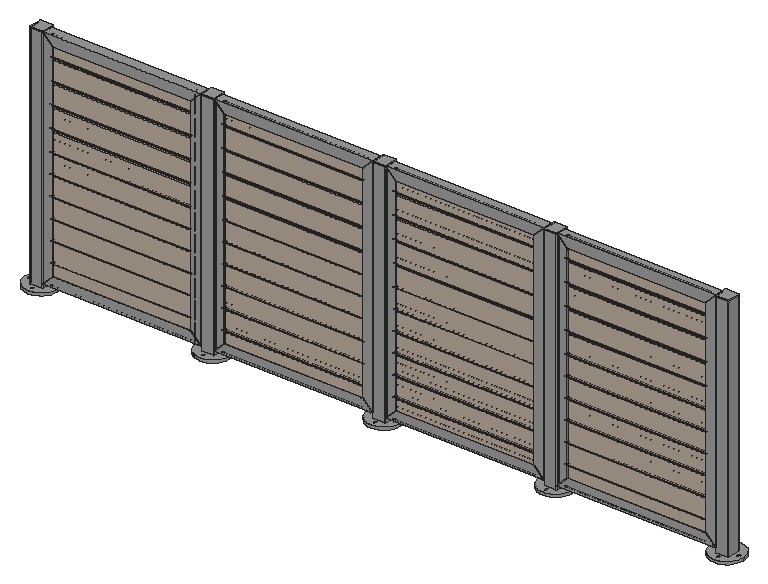
Revit family "PLAYSAFE_VINYL_PLANK_SEMI-PRIVATE_PANEL_ARRAY", category Specialty Equipment, Revit 2026
Family settings
  Round Connector Dimension = Use Diameter
  Part Type = Normal
  Classification Number = 23.55.00.00
  Enable Cutting in Views = No
  Cut with Voids When Loaded = No
  Maintain Annotation Orientation = No
  Shared = No
  Room Calculation Point = No
Parameters (values of type "Assembly")
  Warranty URL = "https://palmshieldlouvers.com/wp-content/uploads/2020/01/PalmSHIELD-Warranty-NO-SIGN-LINE.pdf"
  Version = "2020 - v1.0a"  # constant formula
  URL = "https://palmshieldlouvers.com/"
  Type Comments = ""
  Start Post [instance] = yes
  Product Page URL = "https://palmshieldlouvers.com/products/playsafe-semi-private/"
  Product Documentation Link = "https://palmshieldlouvers.com/wp-content/uploads/2022/05/PalmSHIELD-PlaySAFE-Semi-Private-Aluminum-Architectural-Screening-Specifications.doc"
  Post Finish = Metal - PalmSHIELD - Dusty Grey
  Panel Width [instance] = if(Desired Panel Width > C Max Panel Width, C Max Panel Width, if(Desired Panel Width < C Min Panel Width, C Min Panel Width, Desired Panel Width))  # 4' - 0"
  Panel Height [instance] = if(C Prelim Height < C Min Panel Height, C Min Panel Height, if(C Prelim Height < C Min Height Calculated, C Min Height Calculated, if(C Prelim Height > C Max Height Calculated, C Max Height Calculated, if(C Prelim Height > 12' 0", 12' 0", C Prelim Height))))  # 5' - 10 1/2"
  Offset From Surface [instance] = 0' - 2"  # constant formula
  Model = "Playsafe Semi Private - Vinyl"  # constant formula
  Manufacturer Phone Number = "531-329-4406 "  # constant formula
  Manufacturer Email = "mailto: info@palmshieldlouvers.com"
  Manufacturer Address = "12330 Cary Circle, La Vista, NE 68128"  # constant formula
  Manufacturer = "PalmSHIELD"  # constant formula
  Louver Finsh = Metal - PalmSHIELD - Grey Beige
  Keynote = "05 10 00"
  Instruction Sheet Link = "https://palmshieldlouvers.com/wp-content/uploads/2020/01/PalmSHIELD-Post-Panel-Gate-Installation-Instructions-REV-1.pdf"
  ID [instance] = "Not Assigned"
  Frame Finish = Metal - PalmSHIELD - Dusty Grey
  Filler Panel [instance] = yes
  End Post [instance] = yes
  Desired Panel Width [instance] = 4' - 0"
  Desired Overall Height [instance] = 6' - 0"
  Real Length [instance] = if(system length 1 < (C Post Width + C Min Panel Width), (C Post Width + C Min Panel Width), system length 1)  # 17' - 4"
  Description = "Playsafe Semi Private - Vinyl - Panel Assembly"  # constant formula
  system length 1 [instance] = 17' - 4"
  Copyright = "Copyright ©2024 The American Fence Company and PalmSHIELD. All Rights Reserved."  # constant formula
  Component Name [instance] = "Playsafe Semi Private - Vinyl - Panel Assembly"  # constant formula
  C Solid Infill Real Height [instance] = C Frame Thickness + C Solid Infill Add Height + Offset From Surface + C Solid Infill Count * C Louver Height  # 3' - 2 1/4"
  C Solid Infill Minimum Height [instance] = 3' 0" - C Louver Height  # 2' - 6"
  C Solid Infill Height [instance] = C Louver Height * rounddown(((C Solid Infill Minimum Height - Offset From Surface) / C Louver Height))  # 2' - 0"
  C Solid Infill Count [instance] = if(C Solid Infill Height < C Solid Infill Minimum Height - Offset From Surface, ((C Solid Infill Minimum Height - Offset From Surface) / C Louver Height) + 1, ((C Solid Infill Minimum Height - Offset From Surface) / C Louver Height))  # 6
  C Solid Infill Add Height [instance] = if(C Hip * sin(C Slope Angle) < 0' 0", 0' 0", C Hip * sin(C Slope Angle))  # 0' - 0"
  C Slope Angle [instance] = 0.00°  # constant formula
  C Single Post [instance] = if(C Condition Double, 1 = 1, if(and(End Post, C Condition Single), 1 = 1, 1 = 0))  # no
  C Single Panel [instance] = or(C Condition Double, C Condition Single)  # no
  C Prelim Height [instance] = if(Desired Overall Height < 4' 6", 4' 6", if(Desired Overall Height > 12' 0", 12' 0", Desired Overall Height))  # 6' - 0"
  C Post Width [instance] = 0' - 4"  # constant formula
  C Multiple Post [instance] = (C Condition Multiple)  # yes
  C Multiple Panels [instance] = (C Condition Multiple)  # yes
  C Min Width [instance] = 4' - 0"  # constant formula
  C Min Panel Width [instance] = 4' - 0"  # constant formula
  C Min Panel Height [instance] = 4' - 6"  # constant formula
  C Min Height Calculated [instance] = C Solid Infill Real Height + C Louver Count Final * C Louver Height + C Frame Thickness  # 5' - 8 1/2"
  C Max Panel Width [instance] = 5' - 0"  # constant formula
  C Max Panel Height [instance] = 10' - 0"  # constant formula
  C Max Height Calculated [instance] = C Solid Infill Real Height + C Louver Count Final * C Louver Height + C Frame Thickness + (C Louver Count Final - 1) * C Louver Separation  # 5' - 10 1/2"
  C Louver Separation [instance] = 0' - 0 1/2"  # constant formula
  C Louver Height Real [instance] = C Prelim Height - C Solid Infill Real Height - C Frame Thickness  # 2' - 9 1/2"
  C Louver Height [instance] = 0' - 6"  # constant formula
  C Louver Count Final [instance] = if(C Louver Count Check < 0' 0", C Louver Count - 1, if(C Louver Count Check > C Louver Separation, C Louver Count + 1, C Louver Count))  # 5
  C Louver Count Check [instance] = ((C Louver Height Real - C Frame Thickness) - (C Louver Count * C Louver Height)) / (C Louver Count - 1)  # -0' - 0.55"
  C Louver Count [instance] = roundup(C Louver Height Real / (C Louver Height + (C Louver Separation / 1)))  # 6
  C Hip [instance] = Panel Width / cos(C Slope Angle)  # 4' - 0"
  C Frame Thickness [instance] = 0' - 0 1/4"  # constant formula
  C Filler Post [instance] = and(not(C Condition Single), Filler Panel, End Post, or(C Filler Panel Width = C Min Panel Width, C Filler Panel Width > C Min Panel Width))  # yes
  C Filler Panel Width Calculated [instance] = Real Length - C Calculated Total Length - Panel Width - C Post Width  # 4' - 0"
  C Filler Panel Width [instance] = if(C Filler Panel Width Calculated < C Min Panel Width, C Min Panel Width, if(C Filler Panel Width Calculated > C Max Panel Width, C Max Panel Width, C Filler Panel Width Calculated))  # 4' - 0"
  C Filler Panel [instance] = and(not(C Condition Single), Filler Panel, or(C Filler Panel Width = C Min Panel Width, C Filler Panel Width > C Min Panel Width))  # yes
  C Condition Single [instance] = C Array Count < 1  # no
  C Condition Multiple [instance] = C Array Count > 1  # yes
  C Condition Double [instance] = C Array Count = 1  # no
  C Complete Post [instance] = and(not(C Condition Single), not(Filler Panel), End Post)  # no
  C Complete Panel [instance] = and(not(C Condition Single), not(Filler Panel))  # no
  C Calculated Total Length [instance] = if(C Array Count < 1, 0' 0", if(C Array Count = 1, C Post Width, Panel Width * (C Array Safe - 1) + C Post Width * (C Array Safe)))  # 9' - 0"
  C Calculated Filler Panel Length [instance] = if(C Array Count < 1, 0' 0", if(or(C Array Count = 2, C Array Count = 1), C Post Width, if(Filler Panel, (C Calculated Total Length - C Post Width - C Filler Panel Width), (C Calculated Total Length - C Post Width - Panel Width))))  # 4' - 8"
  C Array Safe [instance] = if(C Array Count < 2, 2, C Array Count)  # 3
  C Array Count [instance] = if(Filler Panel, roundup(((Real Length - C Min Panel Width) / (Panel Width + C Post Width)) - 1), roundup(((Real Length - (Panel Width)) / (Panel Width + C Post Width)) - 1))  # 3
  Assembly Code = "F1020100"
Reference planes (in)
  plane 1 "Center (Front/Back)": y = 0
  plane 2: z = 0
  plane 3 "Left": x = 0
  plane 4 "Right": x = 208
  plane 5 "Top": z = 70.5
  plane 6: x = 48
  plane 7: x = 52
  plane 8: x = 100
  plane 9: x = 104
  plane 10: x = -4
  plane 11: x = 156
  plane 12: x = 52
  plane 13: x = 204
  plane 14: x = 204
  plane 15: x = -2
  plane 16: x = 208
  plane 17: x = 206
  plane 18: x = 206
  plane 19: x = 208
  plane 20: x = 50
  plane 21: x = 102
  plane 22: y = -2
  plane 23: y = 2
Lines and regions (in)
  reference lines
    curve 1: line (0, 0, 0) -> (208, 0, 0)
Dimensions and locks (in)
  "system length 1": plane 3 "Left" to plane 4 "Right"
  "Panel Width": plane 6 to plane 3 "Left"
  "C Post Width": plane 7 to plane 6
  "Panel Width": plane 8 to plane 7
  "C Post Width": plane 9 to plane 8
  "C Post Width": plane 3 "Left" to plane 10
  "C Calculated Filler Panel Length": plane 12 to plane 10
  "C Filler Panel Width": plane 13 to plane 11
  "Panel Width": plane 14 to plane 11
  "C Calculated Total Length": plane 11 to plane 6
  equal spacing: plane 10, plane 15, plane 3 "Left"
  equal spacing: plane 16, plane 17, plane 13
  "C Post Width": plane 16 to plane 13
  equal spacing: plane 19, plane 18, plane 14
  "C Post Width": plane 19 to plane 14
  equal spacing: plane 9, plane 21, plane 8
  equal spacing: plane 7, plane 20, plane 6
  equal spacing: plane 22, plane 1 "Center (Front/Back)", plane 23
  "C Post Width": plane 22 to plane 23
  "Panel Height": plane 5 "Top" to level
  equal spacing: group 1, group 2, group 3  (x3)
  equal spacing: group 4, group 5, group 6  (x3)
  nested 64 to curve 1 = 5' - 10 1/2"
  plane 5 "Top" to curve 1 = 5' - 10 1/2"
  aligned and locked: plane 4 "Right" to curve 1
  aligned and locked: plane 1 "Center (Front/Back)" to curve 1
  aligned and locked: plane 3 "Left" to curve 1
  aligned and locked: level to plane 2
  aligned and locked: plane 15 to nested 1
  aligned and locked: nested 1 to plane 1 "Center (Front/Back)"
  aligned and locked: plane 3 "Left" to nested 2
  aligned and locked: nested 3 to plane 13
  aligned and locked: nested 4 to plane 14
  aligned and locked: plane 1 "Center (Front/Back)" to nested 6
  aligned and locked: plane 1 "Center (Front/Back)" to nested 5
  aligned and locked: plane 1 "Center (Front/Back)" to nested 8
  aligned and locked: plane 1 "Center (Front/Back)" to nested 9
  aligned and locked: plane 17 to nested 6
  aligned and locked: plane 18 to nested 5
  aligned and locked: plane 20 to nested 8
  aligned and locked: plane 3 "Left" to nested 7
  aligned and locked: plane 22 to nested 7
  aligned and locked: plane 22 to nested 4
  aligned and locked: plane 22 to nested 3
  aligned and locked: plane 22 to nested 2
  aligned and locked: plane 20 to nested 9
  aligned and locked: plane 21 to nested 16
  aligned and locked: plane 1 "Center (Front/Back)" to nested 16
  aligned and locked: nested 51 to plane 7
  aligned and locked: plane 22 to nested 51
Nested families (in)
  nested 1: "Screening-Louver-Assembly-Post-Palmshield-Playsafe-Semi_Private-Aluminum" at (-2, 0, 0), Desired Overall Height <- "Panel Height", visible <- "Start Post", Component Vis <- "Start Post", ID <- "ID", type ""
    with ID "Not Assigned", Height 5' - 10 1/2", Desired Overall Height 5' - 10 1/2", Component Vis yes, Component Name "Playsafe Semi Private - Aluminum - Square Post", C Min Height 3' - 4", C Max Height 12' - 0"
  nested 2: "Screening-Louver-Assembly-Panel-Palmshield-Playsafe-Semi_Private-Vinyl" at (0, -2, 0), Desired Overall Height <- "Panel Height", Desired Overall Width <- "Panel Width", visible <- "C Single Panel", Component Vis <- "C Single Panel", ID <- "ID", type ""
    with Width 4' - 0", ID "Not Assigned", Height 5' - 10 1/2", Frame Thickness 0' - 0 1/4", Desired Overall Width 4' - 0", Desired Overall Height 5' - 10 1/2", Desired Bottom Angle 0.00°, Component Vis no, Component Name "Playsafe Semi Private - Vinyl - Panel Assembly", C Solid Infill Real Height 3' - 2 1/4", C Solid Infill Minimum Height 2' - 6", C Solid Infill Height 2' - 0", C Solid Infill Count 6, C Solid Infill Add Height 0' - 0", C Slope Angle 0.00°, C Prelim Height 5' - 10 1/2", C Min Width 4' - 0", C Min Height Calculated 5' - 8 1/2", C Min Height 4' - 6", C Max Width 5' - 0", C Max Height Calculated 5' - 10 1/2", C Max Height 10' - 0", C Louver Separation 0' - 0 1/2", C Louver Height Real 2' - 8", C Louver Height 0' - 6", C Louver Count Final 5, C Louver Count Check 0' - 0 7/16", C Louver Count 5, C Hip 4' - 0"
  nested 3: "Screening-Louver-Assembly-Panel-Palmshield-Playsafe-Semi_Private-Vinyl" at (156, -2, 0), Desired Overall Height <- "Panel Height", Desired Overall Width <- "C Filler Panel Width", visible <- "C Filler Panel", Component Vis <- "C Filler Panel", ID <- "ID", type ""
    with Width 4' - 0", ID "Not Assigned", Height 5' - 10 1/2", Frame Thickness 0' - 0 1/4", Desired Overall Width 4' - 0", Desired Overall Height 5' - 10 1/2", Desired Bottom Angle 0.00°, Component Vis yes, Component Name "Playsafe Semi Private - Vinyl - Panel Assembly", C Solid Infill Real Height 3' - 2 1/4", C Solid Infill Minimum Height 2' - 6", C Solid Infill Height 2' - 0", C Solid Infill Count 6, C Solid Infill Add Height 0' - 0", C Slope Angle 0.00°, C Prelim Height 5' - 10 1/2", C Min Width 4' - 0", C Min Height Calculated 5' - 8 1/2", C Min Height 4' - 6", C Max Width 5' - 0", C Max Height Calculated 5' - 10 1/2", C Max Height 10' - 0", C Louver Separation 0' - 0 1/2", C Louver Height Real 2' - 8", C Louver Height 0' - 6", C Louver Count Final 5, C Louver Count Check 0' - 0 7/16", C Louver Count 5, C Hip 4' - 0"
  nested 4: "Screening-Louver-Assembly-Panel-Palmshield-Playsafe-Semi_Private-Vinyl" at (156, -2, 0), Desired Overall Height <- "Panel Height", Desired Overall Width <- "Panel Width", visible <- "C Complete Panel", Component Vis <- "C Complete Panel", ID <- "ID", type ""
    with Width 4' - 0", ID "Not Assigned", Height 5' - 10 1/2", Frame Thickness 0' - 0 1/4", Desired Overall Width 4' - 0", Desired Overall Height 5' - 10 1/2", Desired Bottom Angle 0.00°, Component Vis no, Component Name "Playsafe Semi Private - Vinyl - Panel Assembly", C Solid Infill Real Height 3' - 2 1/4", C Solid Infill Minimum Height 2' - 6", C Solid Infill Height 2' - 0", C Solid Infill Count 6, C Solid Infill Add Height 0' - 0", C Slope Angle 0.00°, C Prelim Height 5' - 10 1/2", C Min Width 4' - 0", C Min Height Calculated 5' - 8 1/2", C Min Height 4' - 6", C Max Width 5' - 0", C Max Height Calculated 5' - 10 1/2", C Max Height 10' - 0", C Louver Separation 0' - 0 1/2", C Louver Height Real 2' - 8", C Louver Height 0' - 6", C Louver Count Final 5, C Louver Count Check 0' - 0 7/16", C Louver Count 5, C Hip 4' - 0"
  nested 5: "Screening-Louver-Assembly-Post-Palmshield-Playsafe-Semi_Private-Aluminum" at (206, 0, 0), Desired Overall Height <- "Panel Height", visible <- "C Complete Post", Component Vis <- "C Complete Post", ID <- "ID", type ""
    with ID "Not Assigned", Height 5' - 10 1/2", Desired Overall Height 5' - 10 1/2", Component Vis no, Component Name "Playsafe Semi Private - Aluminum - Square Post", C Min Height 3' - 4", C Max Height 12' - 0"
  nested 6: "Screening-Louver-Assembly-Post-Palmshield-Playsafe-Semi_Private-Aluminum" at (206, 0, 0), Desired Overall Height <- "Panel Height", visible <- "C Filler Post", Component Vis <- "C Filler Post", ID <- "ID", type ""
    with ID "Not Assigned", Height 5' - 10 1/2", Desired Overall Height 5' - 10 1/2", Component Vis yes, Component Name "Playsafe Semi Private - Aluminum - Square Post", C Min Height 3' - 4", C Max Height 12' - 0"
  nested 7: "Screening-Louver-Assembly-Panel-Palmshield-Playsafe-Semi_Private-Vinyl" at (0, -2, 0), Desired Overall Height <- "Panel Height", Desired Overall Width <- "Panel Width", visible <- "C Multiple Panels", Component Vis <- "C Multiple Panels", ID <- "ID", type ""
    with Width 4' - 0", ID "Not Assigned", Height 5' - 10 1/2", Frame Thickness 0' - 0 1/4", Desired Overall Width 4' - 0", Desired Overall Height 5' - 10 1/2", Desired Bottom Angle 0.00°, Component Vis yes, Component Name "Playsafe Semi Private - Vinyl - Panel Assembly", C Solid Infill Real Height 3' - 2 1/4", C Solid Infill Minimum Height 2' - 6", C Solid Infill Height 2' - 0", C Solid Infill Count 6, C Solid Infill Add Height 0' - 0", C Slope Angle 0.00°, C Prelim Height 5' - 10 1/2", C Min Width 4' - 0", C Min Height Calculated 5' - 8 1/2", C Min Height 4' - 6", C Max Width 5' - 0", C Max Height Calculated 5' - 10 1/2", C Max Height 10' - 0", C Louver Separation 0' - 0 1/2", C Louver Height Real 2' - 8", C Louver Height 0' - 6", C Louver Count Final 5, C Louver Count Check 0' - 0 7/16", C Louver Count 5, C Hip 4' - 0"
  nested 8: "Screening-Louver-Assembly-Post-Palmshield-Playsafe-Semi_Private-Aluminum" at (50, 0, 0), Desired Overall Height <- "Panel Height", visible <- "C Multiple Post", Component Vis <- "C Multiple Post", ID <- "ID", type ""
    with ID "Not Assigned", Height 5' - 10 1/2", Desired Overall Height 5' - 10 1/2", Component Vis yes, Component Name "Playsafe Semi Private - Aluminum - Square Post", C Min Height 3' - 4", C Max Height 12' - 0"
  nested 9: "Screening-Louver-Assembly-Post-Palmshield-Playsafe-Semi_Private-Aluminum" at (50, 0, 0), Desired Overall Height <- "Panel Height", visible <- "C Single Post", Component Vis <- "C Single Post", ID <- "ID", type ""
    with ID "Not Assigned", Height 5' - 10 1/2", Desired Overall Height 5' - 10 1/2", Component Vis no, Component Name "Playsafe Semi Private - Aluminum - Square Post", C Min Height 3' - 4", C Max Height 12' - 0"
  nested 10: "Nested_Component-Round_Base_Plate-Aluminum-Palmshield-Playsafe-Semi_Private" at (50, 0, 0), type ""
    with Material Metal - PalmSHIELD - Dusty Grey, ID "Not Assigned", Component Name "Playsafe Semi Private - Aluminum - Round Base Plate"
  nested 11: "Nested_Component-Square_Post-Aluminum-Palmshield-Playsafe-Semi_Private" at (50, 0, 0.75) x (0, -1, 0) z (0, 0, 1), type ""
    with Material Metal - PalmSHIELD - Dusty Grey, Length 5' - 9 1/2", ID "Not Assigned", Component Name "Playsafe Semi Private - Aluminum - Square Post"
  nested 12: "Nested_Component-Top_Cap-Aluminum-Palmshield-Playsafe-Semi_Private" at (50, 0, 70.25) x (0, -1, 0) z (0, 0, 1), type ""
    with Material Metal - PalmSHIELD - Dusty Grey, ID "Not Assigned", Component Name "Playsafe Semi Private - Aluminum - Square Top Cap"
  nested 13: "Nested_Component-L_Frame-Palmshield-Playsafe-Semi_Private-Aluminum" at (0, -2, 70.5) x (0, 1, 0) z (1, 0, 0), type ""
    with Material Metal - PalmSHIELD - Dusty Grey, Length 5' - 8 1/2", ID "Not Assigned", Component Name "Playsafe Semi Private - Aluminum - L Frame", B-Side Cut Angle 45.00°, A-Side Cut Angle 45.00°
  nested 14: "Nested_Component-L_Frame-Palmshield-Playsafe-Semi_Private-Aluminum" at (48, -2, 2) x (0, 1, 0) z (-1, 0, 0), type ""
    with Material Metal - PalmSHIELD - Dusty Grey, Length 5' - 8 1/2", ID "Not Assigned", Component Name "Playsafe Semi Private - Aluminum - L Frame", B-Side Cut Angle 45.00°, A-Side Cut Angle 45.00°
  nested 15: "Nested_Component-L_Frame-Palmshield-Playsafe-Semi_Private-Aluminum" at (48, -2, 70.5) x (0, 1, 0) z (0, 0, -1), type ""
    with Material Metal - PalmSHIELD - Dusty Grey, Length 4' - 0", ID "Not Assigned", Component Name "Playsafe Semi Private - Aluminum - L Frame", B-Side Cut Angle 45.00°, A-Side Cut Angle 45.00°
  nested 16: "Screening-Louver-Assembly-Post-Palmshield-Playsafe-Semi_Private-Aluminum" at (102, 0, 0), Desired Overall Height <- "Panel Height", visible <- "C Multiple Post", Component Vis <- "C Multiple Post", ID <- "ID", type ""
    with ID "Not Assigned", Height 5' - 10 1/2", Desired Overall Height 5' - 10 1/2", Component Vis yes, Component Name "Playsafe Semi Private - Aluminum - Square Post", C Min Height 3' - 4", C Max Height 12' - 0"
  nested 17: "Nested_Component-Round_Base_Plate-Aluminum-Palmshield-Playsafe-Semi_Private" at (102, 0, 0), type ""
    with Material Metal - PalmSHIELD - Dusty Grey, ID "Not Assigned", Component Name "Playsafe Semi Private - Aluminum - Round Base Plate"
  nested 18: "Nested_Component-Square_Post-Aluminum-Palmshield-Playsafe-Semi_Private" at (102, 0, 0.75) x (0, -1, 0) z (0, 0, 1), type ""
    with Material Metal - PalmSHIELD - Dusty Grey, Length 5' - 9 1/2", ID "Not Assigned", Component Name "Playsafe Semi Private - Aluminum - Square Post"
  nested 19: "Nested_Component-Top_Cap-Aluminum-Palmshield-Playsafe-Semi_Private" at (102, 0, 70.25) x (0, -1, 0) z (0, 0, 1), type ""
    with Material Metal - PalmSHIELD - Dusty Grey, ID "Not Assigned", Component Name "Playsafe Semi Private - Aluminum - Square Top Cap"
  nested 20: "Screening-Louver-Assembly-Post-Palmshield-Playsafe-Semi_Private-Aluminum" at (154, 0, 0), Desired Overall Height <- "Panel Height", visible <- "C Multiple Post", Component Vis <- "C Multiple Post", ID <- "ID", type ""
    with ID "Not Assigned", Height 5' - 10 1/2", Desired Overall Height 5' - 10 1/2", Component Vis yes, Component Name "Playsafe Semi Private - Aluminum - Square Post", C Min Height 3' - 4", C Max Height 12' - 0"
  nested 21: "Nested_Component-Round_Base_Plate-Aluminum-Palmshield-Playsafe-Semi_Private" at (154, 0, 0), type ""
    with Material Metal - PalmSHIELD - Dusty Grey, ID "Not Assigned", Component Name "Playsafe Semi Private - Aluminum - Round Base Plate"
  nested 22: "Nested_Component-Square_Post-Aluminum-Palmshield-Playsafe-Semi_Private" at (154, 0, 0.75) x (0, -1, 0) z (0, 0, 1), type ""
    with Material Metal - PalmSHIELD - Dusty Grey, Length 5' - 9 1/2", ID "Not Assigned", Component Name "Playsafe Semi Private - Aluminum - Square Post"
  nested 23: "Nested_Component-Top_Cap-Aluminum-Palmshield-Playsafe-Semi_Private" at (154, 0, 70.25) x (0, -1, 0) z (0, 0, 1), type ""
    with Material Metal - PalmSHIELD - Dusty Grey, ID "Not Assigned", Component Name "Playsafe Semi Private - Aluminum - Square Top Cap"
  nested 24: "Nested_Component-Louvers-Palmshield-Playsafe-Semi_Private-Vinyl" at (2, -1.25, 44.25) x (0, -1, 0) z (1, 0, 0), type ""
    with Material Metal - PalmSHIELD - Grey Beige, Length 3' - 8", ID "", Component Name "Playsafe Semi-Private - Vinyl - Louvers"
  nested 25: "Nested_Component-Louvers-Palmshield-Playsafe-Semi_Private-Vinyl" at (2, -1.25, 32.25) x (0, 1, 0) z (1, 0, 0), type ""
    with Material Metal - PalmSHIELD - Grey Beige, Length 3' - 8", ID "", Component Name "Playsafe Semi-Private - Vinyl - Louvers"
  nested 26: "Nested_Component-Louvers-Palmshield-Playsafe-Semi_Private-Vinyl" at (2, -1.25, 26.25) x (0, 1, 0) z (1, 0, 0), type ""
    with Material Metal - PalmSHIELD - Grey Beige, Length 3' - 8", ID "", Component Name "Playsafe Semi-Private - Vinyl - Louvers"
  nested 27: "Nested_Component-Louvers-Palmshield-Playsafe-Semi_Private-Vinyl" at (2, -1.25, 20.25) x (0, 1, 0) z (1, 0, 0), type ""
    with Material Metal - PalmSHIELD - Grey Beige, Length 3' - 8", ID "", Component Name "Playsafe Semi-Private - Vinyl - Louvers"
  nested 28: "Nested_Component-Louvers-Palmshield-Playsafe-Semi_Private-Vinyl" at (2, -1.25, 14.25) x (0, 1, 0) z (1, 0, 0), type ""
    with Material Metal - PalmSHIELD - Grey Beige, Length 3' - 8", ID "", Component Name "Playsafe Semi-Private - Vinyl - Louvers"
  nested 29: "Nested_Component-Louvers-Palmshield-Playsafe-Semi_Private-Vinyl" at (2, -1.25, 8.25) x (0, 1, 0) z (1, 0, 0), type ""
    with Material Metal - PalmSHIELD - Grey Beige, Length 3' - 8", ID "", Component Name "Playsafe Semi-Private - Vinyl - Louvers"
  nested 30: "Nested_Component-Louvers-Palmshield-Playsafe-Semi_Private-Vinyl" at (2, -1.25, 70.25) x (0, -1, 0) z (1, 0, 0), type ""
    with Material Metal - PalmSHIELD - Grey Beige, Length 3' - 8", ID "", Component Name "Playsafe Semi-Private - Vinyl - Louvers"
  nested 31: "Nested_Component-Louvers-Palmshield-Playsafe-Semi_Private-Vinyl" at (2, -1.25, 2.25) x (0, 1, 0) z (1, 0, 0), type ""
    with Material Metal - PalmSHIELD - Grey Beige, Length 3' - 8", ID "", Component Name "Playsafe Semi-Private - Vinyl - Louvers"
  nested 32: "Nested_Component-L_Frame-Palmshield-Playsafe-Semi_Private-Aluminum" at (0, -2, 2) x (0, 1, 0) z (0, 0, 1), type ""
    with Material Metal - PalmSHIELD - Dusty Grey, Length 4' - 0", ID "Not Assgined", Component Name "Playsafe Semi Private - Aluminum - L Frame", B-Side Cut Angle 45.00°, A-Side Cut Angle 45.00°
  nested 33: "Nested_Component-L_Frame-Palmshield-Playsafe-Semi_Private-Aluminum" at (156, -2, 70.5) x (0, 1, 0) z (1, 0, 0), type ""
    with Material Metal - PalmSHIELD - Dusty Grey, Length 5' - 8 1/2", ID "Not Assigned", Component Name "Playsafe Semi Private - Aluminum - L Frame", B-Side Cut Angle 45.00°, A-Side Cut Angle 45.00°
  nested 34: "Nested_Component-L_Frame-Palmshield-Playsafe-Semi_Private-Aluminum" at (204, -2, 2) x (0, 1, 0) z (-1, 0, 0), type ""
    with Material Metal - PalmSHIELD - Dusty Grey, Length 5' - 8 1/2", ID "Not Assigned", Component Name "Playsafe Semi Private - Aluminum - L Frame", B-Side Cut Angle 45.00°, A-Side Cut Angle 45.00°
  nested 35: "Nested_Component-L_Frame-Palmshield-Playsafe-Semi_Private-Aluminum" at (204, -2, 70.5) x (0, 1, 0) z (0, 0, -1), type ""
    with Material Metal - PalmSHIELD - Dusty Grey, Length 4' - 0", ID "Not Assigned", Component Name "Playsafe Semi Private - Aluminum - L Frame", B-Side Cut Angle 45.00°, A-Side Cut Angle 45.00°
  nested 36: "Nested_Component-Louvers-Palmshield-Playsafe-Semi_Private-Vinyl" at (158, -1.25, 44.25) x (0, -1, 0) z (1, 0, 0), type ""
    with Material Metal - PalmSHIELD - Grey Beige, Length 3' - 8", ID "", Component Name "Playsafe Semi-Private - Vinyl - Louvers"
  nested 37: "Nested_Component-Louvers-Palmshield-Playsafe-Semi_Private-Vinyl" at (158, -1.25, 32.25) x (0, 1, 0) z (1, 0, 0), type ""
    with Material Metal - PalmSHIELD - Grey Beige, Length 3' - 8", ID "", Component Name "Playsafe Semi-Private - Vinyl - Louvers"
  nested 38: "Nested_Component-Louvers-Palmshield-Playsafe-Semi_Private-Vinyl" at (158, -1.25, 26.25) x (0, 1, 0) z (1, 0, 0), type ""
    with Material Metal - PalmSHIELD - Grey Beige, Length 3' - 8", ID "", Component Name "Playsafe Semi-Private - Vinyl - Louvers"
  nested 39: "Nested_Component-Louvers-Palmshield-Playsafe-Semi_Private-Vinyl" at (158, -1.25, 20.25) x (0, 1, 0) z (1, 0, 0), type ""
    with Material Metal - PalmSHIELD - Grey Beige, Length 3' - 8", ID "", Component Name "Playsafe Semi-Private - Vinyl - Louvers"
  nested 40: "Nested_Component-Louvers-Palmshield-Playsafe-Semi_Private-Vinyl" at (158, -1.25, 14.25) x (0, 1, 0) z (1, 0, 0), type ""
    with Material Metal - PalmSHIELD - Grey Beige, Length 3' - 8", ID "", Component Name "Playsafe Semi-Private - Vinyl - Louvers"
  nested 41: "Nested_Component-Louvers-Palmshield-Playsafe-Semi_Private-Vinyl" at (158, -1.25, 8.25) x (0, 1, 0) z (1, 0, 0), type ""
    with Material Metal - PalmSHIELD - Grey Beige, Length 3' - 8", ID "", Component Name "Playsafe Semi-Private - Vinyl - Louvers"
  nested 42: "Nested_Component-Louvers-Palmshield-Playsafe-Semi_Private-Vinyl" at (158, -1.25, 70.25) x (0, -1, 0) z (1, 0, 0), type ""
    with Material Metal - PalmSHIELD - Grey Beige, Length 3' - 8", ID "", Component Name "Playsafe Semi-Private - Vinyl - Louvers"
  nested 43: "Nested_Component-Louvers-Palmshield-Playsafe-Semi_Private-Vinyl" at (158, -1.25, 2.25) x (0, 1, 0) z (1, 0, 0), type ""
    with Material Metal - PalmSHIELD - Grey Beige, Length 3' - 8", ID "", Component Name "Playsafe Semi-Private - Vinyl - Louvers"
  nested 44: "Nested_Component-L_Frame-Palmshield-Playsafe-Semi_Private-Aluminum" at (156, -2, 2) x (0, 1, 0) z (0, 0, 1), type ""
    with Material Metal - PalmSHIELD - Dusty Grey, Length 4' - 0", ID "Not Assgined", Component Name "Playsafe Semi Private - Aluminum - L Frame", B-Side Cut Angle 45.00°, A-Side Cut Angle 45.00°
  nested 45: "Nested_Component-Round_Base_Plate-Aluminum-Palmshield-Playsafe-Semi_Private" at (206, 0, 0), type ""
    with Material Metal - PalmSHIELD - Dusty Grey, ID "Not Assigned", Component Name "Playsafe Semi Private - Aluminum - Round Base Plate"
  nested 46: "Nested_Component-Square_Post-Aluminum-Palmshield-Playsafe-Semi_Private" at (206, 0, 0.75) x (0, -1, 0) z (0, 0, 1), type ""
    with Material Metal - PalmSHIELD - Dusty Grey, Length 5' - 9 1/2", ID "Not Assigned", Component Name "Playsafe Semi Private - Aluminum - Square Post"
  nested 47: "Nested_Component-Top_Cap-Aluminum-Palmshield-Playsafe-Semi_Private" at (206, 0, 70.25) x (0, -1, 0) z (0, 0, 1), type ""
    with Material Metal - PalmSHIELD - Dusty Grey, ID "Not Assigned", Component Name "Playsafe Semi Private - Aluminum - Square Top Cap"
  nested 48: "Nested_Component-Round_Base_Plate-Aluminum-Palmshield-Playsafe-Semi_Private" at (-2, 0, 0), type ""
    with Material Metal - PalmSHIELD - Dusty Grey, ID "Not Assigned", Component Name "Playsafe Semi Private - Aluminum - Round Base Plate"
  nested 49: "Nested_Component-Square_Post-Aluminum-Palmshield-Playsafe-Semi_Private" at (-2, 0, 0.75) x (0, -1, 0) z (0, 0, 1), type ""
    with Material Metal - PalmSHIELD - Dusty Grey, Length 5' - 9 1/2", ID "Not Assigned", Component Name "Playsafe Semi Private - Aluminum - Square Post"
  nested 50: "Nested_Component-Top_Cap-Aluminum-Palmshield-Playsafe-Semi_Private" at (-2, 0, 70.25) x (0, -1, 0) z (0, 0, 1), type ""
    with Material Metal - PalmSHIELD - Dusty Grey, ID "Not Assigned", Component Name "Playsafe Semi Private - Aluminum - Square Top Cap"
  nested 51: "Screening-Louver-Assembly-Panel-Palmshield-Playsafe-Semi_Private-Vinyl" at (52, -2, 0), Desired Overall Height <- "Panel Height", Desired Overall Width <- "Panel Width", visible <- "C Multiple Panels", Component Vis <- "C Multiple Panels", ID <- "ID", type ""
    with Width 4' - 0", ID "Not Assigned", Height 5' - 10 1/2", Frame Thickness 0' - 0 1/4", Desired Overall Width 4' - 0", Desired Overall Height 5' - 10 1/2", Desired Bottom Angle 0.00°, Component Vis yes, Component Name "Playsafe Semi Private - Vinyl - Panel Assembly", C Solid Infill Real Height 3' - 2 1/4", C Solid Infill Minimum Height 2' - 6", C Solid Infill Height 2' - 0", C Solid Infill Count 6, C Solid Infill Add Height 0' - 0", C Slope Angle 0.00°, C Prelim Height 5' - 10 1/2", C Min Width 4' - 0", C Min Height Calculated 5' - 8 1/2", C Min Height 4' - 6", C Max Width 5' - 0", C Max Height Calculated 5' - 10 1/2", C Max Height 10' - 0", C Louver Separation 0' - 0 1/2", C Louver Height Real 2' - 8", C Louver Height 0' - 6", C Louver Count Final 5, C Louver Count Check 0' - 0 7/16", C Louver Count 5, C Hip 4' - 0"
  nested 52: "Nested_Component-L_Frame-Palmshield-Playsafe-Semi_Private-Aluminum" at (52, -2, 70.5) x (0, 1, 0) z (1, 0, 0), type ""
    with Material Metal - PalmSHIELD - Dusty Grey, Length 5' - 8 1/2", ID "Not Assigned", Component Name "Playsafe Semi Private - Aluminum - L Frame", B-Side Cut Angle 45.00°, A-Side Cut Angle 45.00°
  nested 53: "Nested_Component-L_Frame-Palmshield-Playsafe-Semi_Private-Aluminum" at (100, -2, 2) x (0, 1, 0) z (-1, 0, 0), type ""
    with Material Metal - PalmSHIELD - Dusty Grey, Length 5' - 8 1/2", ID "Not Assigned", Component Name "Playsafe Semi Private - Aluminum - L Frame", B-Side Cut Angle 45.00°, A-Side Cut Angle 45.00°
  nested 54: "Nested_Component-L_Frame-Palmshield-Playsafe-Semi_Private-Aluminum" at (100, -2, 70.5) x (0, 1, 0) z (0, 0, -1), type ""
    with Material Metal - PalmSHIELD - Dusty Grey, Length 4' - 0", ID "Not Assigned", Component Name "Playsafe Semi Private - Aluminum - L Frame", B-Side Cut Angle 45.00°, A-Side Cut Angle 45.00°
  nested 55: "Nested_Component-Louvers-Palmshield-Playsafe-Semi_Private-Vinyl" at (54, -1.25, 44.25) x (0, -1, 0) z (1, 0, 0), type ""
    with Material Metal - PalmSHIELD - Grey Beige, Length 3' - 8", ID "", Component Name "Playsafe Semi-Private - Vinyl - Louvers"
  nested 56: "Nested_Component-Louvers-Palmshield-Playsafe-Semi_Private-Vinyl" at (54, -1.25, 32.25) x (0, 1, 0) z (1, 0, 0), type ""
    with Material Metal - PalmSHIELD - Grey Beige, Length 3' - 8", ID "", Component Name "Playsafe Semi-Private - Vinyl - Louvers"
  nested 57: "Nested_Component-Louvers-Palmshield-Playsafe-Semi_Private-Vinyl" at (54, -1.25, 26.25) x (0, 1, 0) z (1, 0, 0), type ""
    with Material Metal - PalmSHIELD - Grey Beige, Length 3' - 8", ID "", Component Name "Playsafe Semi-Private - Vinyl - Louvers"
  nested 58: "Nested_Component-Louvers-Palmshield-Playsafe-Semi_Private-Vinyl" at (54, -1.25, 20.25) x (0, 1, 0) z (1, 0, 0), type ""
    with Material Metal - PalmSHIELD - Grey Beige, Length 3' - 8", ID "", Component Name "Playsafe Semi-Private - Vinyl - Louvers"
  nested 59: "Nested_Component-Louvers-Palmshield-Playsafe-Semi_Private-Vinyl" at (54, -1.25, 14.25) x (0, 1, 0) z (1, 0, 0), type ""
    with Material Metal - PalmSHIELD - Grey Beige, Length 3' - 8", ID "", Component Name "Playsafe Semi-Private - Vinyl - Louvers"
  nested 60: "Nested_Component-Louvers-Palmshield-Playsafe-Semi_Private-Vinyl" at (54, -1.25, 8.25) x (0, 1, 0) z (1, 0, 0), type ""
    with Material Metal - PalmSHIELD - Grey Beige, Length 3' - 8", ID "", Component Name "Playsafe Semi-Private - Vinyl - Louvers"
  nested 61: "Nested_Component-Louvers-Palmshield-Playsafe-Semi_Private-Vinyl" at (54, -1.25, 70.25) x (0, -1, 0) z (1, 0, 0), type ""
    with Material Metal - PalmSHIELD - Grey Beige, Length 3' - 8", ID "", Component Name "Playsafe Semi-Private - Vinyl - Louvers"
  nested 62: "Nested_Component-Louvers-Palmshield-Playsafe-Semi_Private-Vinyl" at (54, -1.25, 2.25) x (0, 1, 0) z (1, 0, 0), type ""
    with Material Metal - PalmSHIELD - Grey Beige, Length 3' - 8", ID "", Component Name "Playsafe Semi-Private - Vinyl - Louvers"
  nested 63: "Nested_Component-L_Frame-Palmshield-Playsafe-Semi_Private-Aluminum" at (52, -2, 2) x (0, 1, 0) z (0, 0, 1), type ""
    with Material Metal - PalmSHIELD - Dusty Grey, Length 4' - 0", ID "Not Assgined", Component Name "Playsafe Semi Private - Aluminum - L Frame", B-Side Cut Angle 45.00°, A-Side Cut Angle 45.00°
  nested 64: "Screening-Louver-Assembly-Panel-Palmshield-Playsafe-Semi_Private-Vinyl" at (104, -2, 0), Desired Overall Height <- "Panel Height", Desired Overall Width <- "Panel Width", visible <- "C Multiple Panels", Component Vis <- "C Multiple Panels", ID <- "ID", type ""
    with Width 4' - 0", ID "Not Assigned", Height 5' - 10 1/2", Frame Thickness 0' - 0 1/4", Desired Overall Width 4' - 0", Desired Overall Height 5' - 10 1/2", Desired Bottom Angle 0.00°, Component Vis yes, Component Name "Playsafe Semi Private - Vinyl - Panel Assembly", C Solid Infill Real Height 3' - 2 1/4", C Solid Infill Minimum Height 2' - 6", C Solid Infill Height 2' - 0", C Solid Infill Count 6, C Solid Infill Add Height 0' - 0", C Slope Angle 0.00°, C Prelim Height 5' - 10 1/2", C Min Width 4' - 0", C Min Height Calculated 5' - 8 1/2", C Min Height 4' - 6", C Max Width 5' - 0", C Max Height Calculated 5' - 10 1/2", C Max Height 10' - 0", C Louver Separation 0' - 0 1/2", C Louver Height Real 2' - 8", C Louver Height 0' - 6", C Louver Count Final 5, C Louver Count Check 0' - 0 7/16", C Louver Count 5, C Hip 4' - 0"
  nested 65: "Nested_Component-L_Frame-Palmshield-Playsafe-Semi_Private-Aluminum" at (104, -2, 70.5) x (0, 1, 0) z (1, 0, 0), type ""
    with Material Metal - PalmSHIELD - Dusty Grey, Length 5' - 8 1/2", ID "Not Assigned", Component Name "Playsafe Semi Private - Aluminum - L Frame", B-Side Cut Angle 45.00°, A-Side Cut Angle 45.00°
  nested 66: "Nested_Component-L_Frame-Palmshield-Playsafe-Semi_Private-Aluminum" at (152, -2, 2) x (0, 1, 0) z (-1, 0, 0), type ""
    with Material Metal - PalmSHIELD - Dusty Grey, Length 5' - 8 1/2", ID "Not Assigned", Component Name "Playsafe Semi Private - Aluminum - L Frame", B-Side Cut Angle 45.00°, A-Side Cut Angle 45.00°
  nested 67: "Nested_Component-L_Frame-Palmshield-Playsafe-Semi_Private-Aluminum" at (152, -2, 70.5) x (0, 1, 0) z (0, 0, -1), type ""
    with Material Metal - PalmSHIELD - Dusty Grey, Length 4' - 0", ID "Not Assigned", Component Name "Playsafe Semi Private - Aluminum - L Frame", B-Side Cut Angle 45.00°, A-Side Cut Angle 45.00°
  nested 68: "Nested_Component-Louvers-Palmshield-Playsafe-Semi_Private-Vinyl" at (106, -1.25, 44.25) x (0, -1, 0) z (1, 0, 0), type ""
    with Material Metal - PalmSHIELD - Grey Beige, Length 3' - 8", ID "", Component Name "Playsafe Semi-Private - Vinyl - Louvers"
  nested 69: "Nested_Component-Louvers-Palmshield-Playsafe-Semi_Private-Vinyl" at (106, -1.25, 32.25) x (0, 1, 0) z (1, 0, 0), type ""
    with Material Metal - PalmSHIELD - Grey Beige, Length 3' - 8", ID "", Component Name "Playsafe Semi-Private - Vinyl - Louvers"
  nested 70: "Nested_Component-Louvers-Palmshield-Playsafe-Semi_Private-Vinyl" at (106, -1.25, 26.25) x (0, 1, 0) z (1, 0, 0), type ""
    with Material Metal - PalmSHIELD - Grey Beige, Length 3' - 8", ID "", Component Name "Playsafe Semi-Private - Vinyl - Louvers"
  nested 71: "Nested_Component-Louvers-Palmshield-Playsafe-Semi_Private-Vinyl" at (106, -1.25, 20.25) x (0, 1, 0) z (1, 0, 0), type ""
    with Material Metal - PalmSHIELD - Grey Beige, Length 3' - 8", ID "", Component Name "Playsafe Semi-Private - Vinyl - Louvers"
  nested 72: "Nested_Component-Louvers-Palmshield-Playsafe-Semi_Private-Vinyl" at (106, -1.25, 14.25) x (0, 1, 0) z (1, 0, 0), type ""
    with Material Metal - PalmSHIELD - Grey Beige, Length 3' - 8", ID "", Component Name "Playsafe Semi-Private - Vinyl - Louvers"
  nested 73: "Nested_Component-Louvers-Palmshield-Playsafe-Semi_Private-Vinyl" at (106, -1.25, 8.25) x (0, 1, 0) z (1, 0, 0), type ""
    with Material Metal - PalmSHIELD - Grey Beige, Length 3' - 8", ID "", Component Name "Playsafe Semi-Private - Vinyl - Louvers"
  nested 74: "Nested_Component-Louvers-Palmshield-Playsafe-Semi_Private-Vinyl" at (106, -1.25, 70.25) x (0, -1, 0) z (1, 0, 0), type ""
    with Material Metal - PalmSHIELD - Grey Beige, Length 3' - 8", ID "", Component Name "Playsafe Semi-Private - Vinyl - Louvers"
  nested 75: "Nested_Component-Louvers-Palmshield-Playsafe-Semi_Private-Vinyl" at (106, -1.25, 2.25) x (0, 1, 0) z (1, 0, 0), type ""
    with Material Metal - PalmSHIELD - Grey Beige, Length 3' - 8", ID "", Component Name "Playsafe Semi-Private - Vinyl - Louvers"
  nested 76: "Nested_Component-L_Frame-Palmshield-Playsafe-Semi_Private-Aluminum" at (104, -2, 2) x (0, 1, 0) z (0, 0, 1), type ""
    with Material Metal - PalmSHIELD - Dusty Grey, Length 4' - 0", ID "Not Assgined", Component Name "Playsafe Semi Private - Aluminum - L Frame", B-Side Cut Angle 45.00°, A-Side Cut Angle 45.00°
  nested 77: "Nested_Component-Louvers-Palmshield-Playsafe-Semi_Private-Vinyl" at (158, -1.25, 50.75) x (0, -1, 0) z (1, 0, 0), type ""
    with Material Metal - PalmSHIELD - Grey Beige, Length 3' - 8", ID "", Component Name "Playsafe Semi-Private - Vinyl - Louvers"
  nested 78: "Nested_Component-Louvers-Palmshield-Playsafe-Semi_Private-Vinyl" at (158, -1.25, 57.25) x (0, -1, 0) z (1, 0, 0), type ""
    with Material Metal - PalmSHIELD - Grey Beige, Length 3' - 8", ID "", Component Name "Playsafe Semi-Private - Vinyl - Louvers"
  nested 79: "Nested_Component-Louvers-Palmshield-Playsafe-Semi_Private-Vinyl" at (158, -1.25, 63.75) x (0, -1, 0) z (1, 0, 0), type ""
    with Material Metal - PalmSHIELD - Grey Beige, Length 3' - 8", ID "", Component Name "Playsafe Semi-Private - Vinyl - Louvers"
  nested 80: "Nested_Component-Louvers-Palmshield-Playsafe-Semi_Private-Vinyl" at (106, -1.25, 50.75) x (0, -1, 0) z (1, 0, 0), type ""
    with Material Metal - PalmSHIELD - Grey Beige, Length 3' - 8", ID "", Component Name "Playsafe Semi-Private - Vinyl - Louvers"
  nested 81: "Nested_Component-Louvers-Palmshield-Playsafe-Semi_Private-Vinyl" at (106, -1.25, 57.25) x (0, -1, 0) z (1, 0, 0), type ""
    with Material Metal - PalmSHIELD - Grey Beige, Length 3' - 8", ID "", Component Name "Playsafe Semi-Private - Vinyl - Louvers"
  nested 82: "Nested_Component-Louvers-Palmshield-Playsafe-Semi_Private-Vinyl" at (106, -1.25, 63.75) x (0, -1, 0) z (1, 0, 0), type ""
    with Material Metal - PalmSHIELD - Grey Beige, Length 3' - 8", ID "", Component Name "Playsafe Semi-Private - Vinyl - Louvers"
  nested 83: "Nested_Component-Louvers-Palmshield-Playsafe-Semi_Private-Vinyl" at (2, -1.25, 50.75) x (0, -1, 0) z (1, 0, 0), type ""
    with Material Metal - PalmSHIELD - Grey Beige, Length 3' - 8", ID "", Component Name "Playsafe Semi-Private - Vinyl - Louvers"
  nested 84: "Nested_Component-Louvers-Palmshield-Playsafe-Semi_Private-Vinyl" at (2, -1.25, 57.25) x (0, -1, 0) z (1, 0, 0), type ""
    with Material Metal - PalmSHIELD - Grey Beige, Length 3' - 8", ID "", Component Name "Playsafe Semi-Private - Vinyl - Louvers"
  nested 85: "Nested_Component-Louvers-Palmshield-Playsafe-Semi_Private-Vinyl" at (2, -1.25, 63.75) x (0, -1, 0) z (1, 0, 0), type ""
    with Material Metal - PalmSHIELD - Grey Beige, Length 3' - 8", ID "", Component Name "Playsafe Semi-Private - Vinyl - Louvers"
  nested 86: "Nested_Component-Louvers-Palmshield-Playsafe-Semi_Private-Vinyl" at (54, -1.25, 50.75) x (0, -1, 0) z (1, 0, 0), type ""
    with Material Metal - PalmSHIELD - Grey Beige, Length 3' - 8", ID "", Component Name "Playsafe Semi-Private - Vinyl - Louvers"
  nested 87: "Nested_Component-Louvers-Palmshield-Playsafe-Semi_Private-Vinyl" at (54, -1.25, 57.25) x (0, -1, 0) z (1, 0, 0), type ""
    with Material Metal - PalmSHIELD - Grey Beige, Length 3' - 8", ID "", Component Name "Playsafe Semi-Private - Vinyl - Louvers"
  nested 88: "Nested_Component-Louvers-Palmshield-Playsafe-Semi_Private-Vinyl" at (54, -1.25, 63.75) x (0, -1, 0) z (1, 0, 0), type ""
    with Material Metal - PalmSHIELD - Grey Beige, Length 3' - 8", ID "", Component Name "Playsafe Semi-Private - Vinyl - Louvers"
Definition of nested family "Nested_Component-Round_Base_Plate-Aluminum-Palmshield-Playsafe-Semi_Private"
  Parameters (values of type "10" x 3/4"")
    Width = if(Constraints = 1, 0' 10", 1' 2")  # 0' - 10"
    Warranty URL = "https://palmshieldlouvers.com/wp-content/uploads/2020/01/PalmSHIELD-Warranty-NO-SIGN-LINE.pdf"
    Version = "2020 - v1.0a"  # constant formula
    URL = "https://palmshieldlouvers.com/"
    Thickness = 0' - 0 3/4"  # constant formula
    Product Page URL = "https://palmshieldlouvers.com/products/playsafe-semi-private/"
    Product Documentation Link = "Contact Manufacturer for More Information"
    Model = "LED Backlit Laser Cut"  # constant formula
    Material [instance] = none
    Manufacturer Phone Number = "531-329-4406 "  # constant formula
    Manufacturer Fax Number = "Consult Manufacturer Website for More Information"  # constant formula
    Manufacturer Email = "mailto: info@palmshieldlouvers.com"
    Manufacturer Address = "12330 Cary Circle, La Vista, NE 68128"  # constant formula
    Manufacturer = "PalmSHIELD"  # constant formula
    Keynote = "05 10 00"
    Instruction Sheet Link = "https://palmshieldlouvers.com/wp-content/uploads/2020/01/PalmSHIELD-Post-Panel-Gate-Installation-Instructions-REV-1.pdf"
    ID [instance] = ""
    Hole Diameter = 0' - 0 3/4"  # constant formula
    Height = 0' - 10"  # constant formula
    Description = "Playsafe Semi Private - Round Base Plate"  # constant formula
    Default Elevation = 4' - 0"
    Copyright = "Copyright ©2024 The American Fence Company and PalmSHIELD. All Rights Reserved."  # constant formula
    Constraints = 1
    Component Name [instance] = "Playsafe Semi Private - Aluminum - Round Base Plate"  # constant formula
    C Hole Offset = 0' - 1 1/2"  # constant formula
    Assembly Code = "F1020100"
  Reference planes (in)
    plane 1 "Center (Front/Back)": y = 0
    plane 2: z = 0
    plane 3 "Center (Left/Right)": x = 0
    plane 4: y = 5
    plane 5: x = 5
    plane 6: y = -5
    plane 7: x = -5
    plane 8: z = 0.75
  Forms (in)
    Extrusion 1, solid
      sketch origin (0, 0, 0) x (1, 0, 0) y (0, 1, 0)
        loop
          line (-48, 48) -> (-48, -48) -> (48, -48) -> (48, 48) -> (-48, 48)
      from 0 to -12
    Extrusion 2, solid, material <- "Material"
      sketch origin (0, 0, 0) x (1, 0, 0) y (0, 1, 0)
        loop
          circle (0, 0) r 5
        loop
          circle (0, 3.5) r 0.375
        loop
          circle (0, -3.5) r 0.375
        loop
          circle (3.5, 0) r 0.375
        loop
          circle (-3.5, 0) r 0.375
      from 0 to 0.75
  Dimensions and locks (in)
    equal spacing: plane 7, plane 3 "Center (Left/Right)", plane 5
    equal spacing: plane 4, plane 1 "Center (Front/Back)", plane 6
    "Width": plane 7 to plane 5
    "Height": plane 4 to plane 6
    "Thickness": plane 8 to plane 2
    "C Hole Offset": plane 4 to Extrusion 2 sketch curve
    "C Hole Offset": plane 7 to Extrusion 2 sketch curve
    "C Hole Offset": Extrusion 2 sketch curve to plane 5
    "C Hole Offset": plane 6 to Extrusion 2 sketch curve
    "Hole Diameter": radius of Extrusion 2 sketch curve  (x4)
    aligned and locked: plane 2 to Extrusion 1
    aligned and locked: level to Extrusion 1
    aligned and locked: plane 8 to Extrusion 2
    aligned and locked: plane 3 "Center (Left/Right)" to Extrusion 2 sketch curve
  Automatic sketch dimensions
    Extrusion 1 sketch curve to Extrusion 1 sketch curve = 8' - 0"  (x2)
    Extrusion 2 sketch curve to plane 3 "Center (Left/Right)" = 0' - 0"  (x2)
    plane 1 "Center (Front/Back)" to Extrusion 2 sketch curve = 0' - 0"  (x3)
    radius of Extrusion 2 sketch curve = 0' - 5"
Definition of nested family "Nested_Component-Square_Post-Aluminum-Palmshield-Playsafe-Semi_Private"
  Parameters (values of type "4" X 4" X 1/4" SQ. TUBE")
    Width = 0' - 4"  # constant formula
    Warranty URL = "https://palmshieldlouvers.com/wp-content/uploads/2020/01/PalmSHIELD-Warranty-NO-SIGN-LINE.pdf"
    Version = "2020 - v1.0a"  # constant formula
    URL = "https://palmshieldlouvers.com/"
    Thickness = 0' - 0 1/4"  # constant formula
    Product Page URL = "https://palmshieldlouvers.com/products/playsafe-semi-private/"
    Product Documentation Link = "Contact Manufacturer for More Information"
    Model = "Playsafe Semi Private"  # constant formula
    Material [instance] = none
    Manufacturer Phone Number = "531-329-4406 "  # constant formula
    Manufacturer Fax Number = "Consult Manufacturer Website for More Information"  # constant formula
    Manufacturer Email = "mailto: info@palmshieldlouvers.com"
    Manufacturer Address = "12330 Cary Circle, La Vista, NE 68128"  # constant formula
    Manufacturer = "PalmSHIELD"  # constant formula
    Length [instance] = 4' - 4.86713"
    Keynote = "05 10 00"
    Instruction Sheet Link = "https://palmshieldlouvers.com/wp-content/uploads/2020/01/PalmSHIELD-Post-Panel-Gate-Installation-Instructions-REV-1.pdf"
    ID [instance] = ""
    Description = "Playsafe Semi Private - Aluminum - Square Post"  # constant formula
    Default Elevation = 4' - 0"
    Copyright = "Copyright ©2024 The American Fence Company and PalmSHIELD. All Rights Reserved."  # constant formula
    Component Name [instance] = "Playsafe Semi Private - Aluminum - Square Post"  # constant formula
    Assembly Code = "F1020100"
  Types (2): name | Product Page URL | Product Documentation Link
    4" X 4" X 1/4" SQ. TUBE | "https://palmshieldlouvers.com/products/playsafe-semi-private/" | "Contact Manufacturer for More Information"
    4" X 4" X 1/8" SQ. TUBE | "https://palmshieldlouvers.com/products/laser-cut-led-backlit-panels/" | "https://palmshieldlouvers.com/wp-content/uploads/2022/03/PalmSHIELD-Laser-Cut-LED-Back-lighed-Screen-Specifications.doc"
  Reference planes (in)
    plane 1 "Center (Front/Back)": y = 0
    plane 2: z = 0
    plane 3 "Center (Left/Right)": x = 0
    plane 4: z = 52.86713
    plane 5: x = 2
    plane 6: x = -2
  Forms (in)
    Extrusion 1, solid
      sketch origin (0, 0, 0) x (1, 0, 0) y (0, 1, 0)
        loop
          line (-48, 48) -> (-48, -48) -> (48, -48) -> (48, 48) -> (-48, 48)
      from 0 to -12
    Sweep 2, solid, material <- "Material"
      path origin (0, 0, 0) x (0, 1, 0) y (0, 0, 1)
        loop
          line (0, 0) -> (0, 52.86713)
      profile "Profile-Palmshield-Square : 4" X 4" X 1/4" SQ. TUBE" origin (0, 0, 26.43357) x (0, -1, 0) y (1, 0, 0)
        loop
          line (1.75, 1.75) -> (-1.75, 1.75) -> (-1.75, -1.75) -> (1.75, -1.75) -> (1.75, 1.75)
        loop
          arc (-2, -1.75) -> (-1.92678, -1.92678) -> (-1.75, -2) r 0.25
          line (-1.75, -2) -> (1.75, -2)
          arc (1.75, -2) -> (1.92678, -1.92678) -> (2, -1.75) r 0.25
          line (2, -1.75) -> (2, 1.75)
          arc (2, 1.75) -> (1.92678, 1.92678) -> (1.75, 2) r 0.25
          line (1.75, 2) -> (-1.75, 2)
          arc (-1.75, 2) -> (-1.92678, 1.92678) -> (-2, 1.75) r 0.25
          line (-2, 1.75) -> (-2, -1.75)
  Dimensions and locks (in)
    "Length": plane 4 to plane 2
    equal spacing: plane 5, plane 3 "Center (Left/Right)", plane 6
    "Width": plane 5 to plane 6
    aligned and locked: plane 2 to Extrusion 1
    aligned and locked: level to Extrusion 1
    aligned and locked: plane 1 "Center (Front/Back)" to Sweep 2 sketch curve
    aligned and locked: plane 4 to Sweep 2 sketch curve
  Automatic sketch dimensions
    Extrusion 1 sketch curve to Extrusion 1 sketch curve = 8' - 0"  (x2)
    Sweep 2 sketch curve to level = 0' - 0"
Definition of nested family "Nested_Component-Top_Cap-Aluminum-Palmshield-Playsafe-Semi_Private"
  Parameters (values of type "3 3/4" x 3 3/4" x 1/8"")
    Width = 0' - 4"  # constant formula
    Warranty URL = "https://palmshieldlouvers.com/wp-content/uploads/2020/01/PalmSHIELD-Warranty-NO-SIGN-LINE.pdf"
    Version = "2020 - v1.0a"  # constant formula
    URL = "https://palmshieldlouvers.com/"
    Thickness = 0' - 0 1/4"  # constant formula
    Product Page URL = "https://palmshieldlouvers.com/products/playsafe-semi-private/"
    Product Documentation Link = "Contact Manufacturer for More Information"
    Model = "Playsafe Semi Private"  # constant formula
    Material [instance] = none
    Manufacturer Phone Number = "531-329-4406 "  # constant formula
    Manufacturer Fax Number = "Consult Manufacturer Website for More Information"  # constant formula
    Manufacturer Email = "mailto: info@palmshieldlouvers.com"
    Manufacturer Address = "12330 Cary Circle, La Vista, NE 68128"  # constant formula
    Manufacturer = "PalmSHIELD"  # constant formula
    Keynote = "05 10 00"
    Instruction Sheet Link = "https://palmshieldlouvers.com/wp-content/uploads/2020/01/PalmSHIELD-Post-Panel-Gate-Installation-Instructions-REV-1.pdf"
    ID [instance] = ""
    Description = "Playsafe Semi Private - Top Cap"  # constant formula
    Default Elevation = 4' - 0"
    Copyright = "Copyright ©2024 The American Fence Company and PalmSHIELD. All Rights Reserved."  # constant formula
    Component Name [instance] = "Playsafe Semi Private - Aluminum - Square Top Cap"  # constant formula
    Assembly Code = "F1020100"
  Reference planes (in)
    plane 1 "Center (Front/Back)": y = 0
    plane 2: z = 0
    plane 3 "Center (Left/Right)": x = 0
    plane 4: y = 2
    plane 5: x = 2
    plane 6: y = -2
    plane 7: x = -2
    plane 8: z = 0.25
  Forms (in)
    Extrusion 1, solid
      sketch origin (0, 0, 0) x (1, 0, 0) y (0, 1, 0)
        loop
          line (-48, 48) -> (-48, -48) -> (48, -48) -> (48, 48) -> (-48, 48)
      from 0 to -12
    Extrusion 2, solid, material <- "Material"
      sketch origin (0, 0, 0) x (1, 0, 0) y (0, 1, 0)
        loop
          arc (-1.75, 2) -> (-1.92678, 1.92678) -> (-2, 1.75) r 0.25
          line (-2, 1.75) -> (-2, -1.75)
          arc (-2, -1.75) -> (-1.92678, -1.92678) -> (-1.75, -2) r 0.25
          line (-1.75, -2) -> (1.75, -2)
          arc (1.75, -2) -> (1.92678, -1.92678) -> (2, -1.75) r 0.25
          line (2, -1.75) -> (2, 1.75)
          arc (2, 1.75) -> (1.92678, 1.92678) -> (1.75, 2) r 0.25
          line (1.75, 2) -> (-1.75, 2)
      from 0 to 0.25
  Dimensions and locks (in)
    equal spacing: plane 7, plane 3 "Center (Left/Right)", plane 5
    equal spacing: plane 4, plane 1 "Center (Front/Back)", plane 6
    "Width": plane 7 to plane 5
    "Width": plane 4 to plane 6
    "Thickness": plane 8 to plane 2
    aligned and locked: plane 2 to Extrusion 1
    aligned and locked: level to Extrusion 1
    aligned and locked: Extrusion 2 sketch curve to plane 4
    aligned and locked: plane 7 to Extrusion 2 sketch curve
    aligned and locked: Extrusion 2 sketch curve to plane 6
    aligned and locked: Extrusion 2 sketch curve to plane 5
    aligned and locked: plane 8 to Extrusion 2
  Automatic sketch dimensions
    Extrusion 1 sketch curve to Extrusion 1 sketch curve = 8' - 0"  (x2)
    Extrusion 2 sketch curve to plane 6 = 0' - 0 1/4"
    Extrusion 2 sketch curve to plane 4 = 0' - 0 1/4"  (x2)
    Extrusion 2 sketch curve to Extrusion 2 sketch curve = 0' - 0 1/4"
Definition of nested family "Nested_Component-L_Frame-Palmshield-Playsafe-Semi_Private-Aluminum"
  Parameters (values of type "AL L3" X 3" X 1/4"")
    Width = 0' - 3"  # constant formula
    Warranty URL = "https://palmshieldlouvers.com/wp-content/uploads/2020/01/PalmSHIELD-Warranty-NO-SIGN-LINE.pdf"
    Version = "2020 - v1.0a"  # constant formula
    URL = "https://palmshieldlouvers.com/"
    Thickness = 0' - 0 1/4"  # constant formula
    Product Page URL = "https://palmshieldlouvers.com/products/playsafe-semi-private/"
    Product Documentation Link = "Contact Manufacturer for More Information"
    Model = "Playsafe Semi Private"  # constant formula
    Material [instance] = none
    Manufacturer Phone Number = "531-329-4406 "  # constant formula
    Manufacturer Fax Number = "Consult Manufacturer Website for More Information"  # constant formula
    Manufacturer Email = "mailto: info@palmshieldlouvers.com"
    Manufacturer Address = "12330 Cary Circle, La Vista, NE 68128"  # constant formula
    Manufacturer = "PalmSHIELD"  # constant formula
    Length [instance] = 4' - 4.86713"
    Keynote = "05 10 00"
    Instruction Sheet Link = "https://palmshieldlouvers.com/wp-content/uploads/2020/01/PalmSHIELD-Post-Panel-Gate-Installation-Instructions-REV-1.pdf"
    ID [instance] = ""
    Description = "Playsafe Semi Private - L Frame"  # constant formula
    Default Elevation = 4' - 0"
    Copyright = "Copyright ©2024 The American Fence Company and PalmSHIELD. All Rights Reserved."  # constant formula
    Component Name [instance] = "Playsafe Semi Private - Aluminum - L Frame"  # constant formula
    C Hole Offset = 0' - 1 1/2"  # constant formula
    B-Side Cut Angle [instance] = 45.00°
    Assembly Code = "F1020100"
    A-Side Cut Angle [instance] = 45.00°
  Reference planes (in)
    plane 1 "Center (Front/Back)": y = 0
    plane 2: z = 0
    plane 3 "Center (Left/Right)": x = 0
    plane 4: x = 3
    plane 5: y = -52.86713
    plane 6: z = 3
  Forms (in)
    Extrusion 1, solid
      sketch origin (0, 0, 0) x (1, 0, 0) y (0, 1, 0)
        loop
          line (-48, 48) -> (-48, -48) -> (48, -48) -> (48, 48) -> (-48, 48)
      from 0 to -12
    Sweep 2, solid, material <- "Material"
      path origin (0, 0, 0) x (0, 1, 0) y (0, 0, 1)
        loop
          line (0, 0) -> (-52.86713, 0)
      profile "Profile-Palmshield-L : AL L3" X 3" X 1/4" - 6061-T6" origin (0, -26.43357, 0) x (0, 0, -1) y (1, 0, 0)
        loop
          line (-0.3125, 0.25) -> (-2.875, 0.25)
          arc (-2.875, 0.25) -> (-2.96339, 0.21339) -> (-3, 0.125) r 0.125
          line (-3, 0.125) -> (-3, 0) -> (0, 0) -> (0, 3) -> (-0.125, 3)
          arc (-0.125, 3) -> (-0.21339, 2.96339) -> (-0.25, 2.875) r 0.125
          line (-0.25, 2.875) -> (-0.25, 0.3125)
          arc (-0.25, 0.3125) -> (-0.26831, 0.26831) -> (-0.3125, 0.25) r 0.0625
    Extrusion 3, void
      sketch origin (0, 0, 0) x (0, 1, 0) y (0, 0, 1)
        loop
          line (-3, 3) -> (0, 0) -> (4.7449, 0) -> (4.7449, 3) -> (-3, 3)
        loop
          line (-57.61203, 3) -> (-57.61203, 0) -> (-52.86713, 0) -> (-49.86713, 3) -> (-57.61203, 3)
      from 0 to 3
  Cuts and joins
    Extrusion 3 cuts Sweep 2
  Dimensions and locks (in)
    "Width": plane 3 "Center (Left/Right)" to plane 4
    "Length": plane 1 "Center (Front/Back)" to plane 5
    "Width": plane 6 to plane 2
    locked: Extrusion 3 sketch curve to plane 1 "Center (Front/Back)" at 4.7449
    locked: plane 5 to Extrusion 3 sketch curve at 4.7449
    "B-Side Cut Angle": angle Extrusion 3 sketch curve to plane 1 "Center (Front/Back)"
    "A-Side Cut Angle": angle plane 5 to Extrusion 3 sketch curve
    aligned and locked: plane 2 to Extrusion 1
    aligned and locked: level to Extrusion 1
    aligned and locked: plane 1 "Center (Front/Back)" to Sweep 2 sketch curve
    aligned and locked: plane 5 to Sweep 2 sketch curve
    aligned and locked: Extrusion 3 sketch curve to plane 6
    aligned and locked: level to Extrusion 3 sketch curve
    aligned and locked: plane 6 to Extrusion 3 sketch curve
    aligned and locked: Extrusion 3 sketch curve to plane 2
    aligned and locked: plane 1 "Center (Front/Back)" to Extrusion 3 sketch curve
    aligned and locked: plane 2 to Extrusion 3 sketch curve
    aligned and locked: plane 5 to Extrusion 3 sketch curve
    aligned and locked: Extrusion 3 to plane 3 "Center (Left/Right)"
    aligned and locked: Extrusion 3 to plane 4
  Automatic sketch dimensions
    Extrusion 1 sketch curve to Extrusion 1 sketch curve = 8' - 0"  (x2)
    Sweep 2 sketch curve to level = 0' - 0"
Definition of nested family "Nested_Component-Louvers-Palmshield-Playsafe-Semi_Private-Vinyl"
  Parameters (values of type "7/8" X 6" VINYL INFILL (COLOR TBD BY DESIGNER)")
    Width = 0' - 6"  # constant formula
    Warranty URL = "https://palmshieldlouvers.com/wp-content/uploads/2020/01/PalmSHIELD-Warranty-NO-SIGN-LINE.pdf"
    Version = "2020 - v1.0a"  # constant formula
    URL = "https://palmshieldlouvers.com/"
    Thickness = 0' - 0 7/8"  # constant formula
    Product Page URL = "https://palmshieldlouvers.com/products/playsafe-semi-private/"
    Product Documentation Link = "Contact Manufacturer for More Information"
    Model = "Playsafe Semi-Private"  # constant formula
    Material [instance] = none
    Manufacturer Phone Number = "531-329-4406 "  # constant formula
    Manufacturer Fax Number = "Consult Manufacturer Website for More Information"  # constant formula
    Manufacturer Email = "mailto: info@palmshieldlouvers.com"
    Manufacturer Address = "12330 Cary Circle, La Vista, NE 68128"  # constant formula
    Manufacturer = "PalmSHIELD"  # constant formula
    Length [instance] = 4' - 4.86713"
    Keynote = "05 10 00"
    Instruction Sheet Link = "https://palmshieldlouvers.com/wp-content/uploads/2020/01/PalmSHIELD-Post-Panel-Gate-Installation-Instructions-REV-1.pdf"
    ID [instance] = ""
    Description = "Playsafe Semi-Private - Vinyl - Louvers"  # constant formula
    Default Elevation = 4' - 0"
    Copyright = "Copyright ©2024 The American Fence Company and PalmSHIELD. All Rights Reserved."  # constant formula
    Constraints = 1  # constant formula
    Component Name [instance] = "Playsafe Semi-Private - Vinyl - Louvers"  # constant formula
    Assembly Code = "F1020100"
  Reference planes (in)
    plane 1 "Center (Front/Back)": y = 0
    plane 2: z = 0
    plane 3 "Center (Left/Right)": x = 0
    plane 4: z = 52.86713
    plane 5: y = 6
  Forms (in)
    Extrusion 1, solid
      sketch origin (0, 0, 0) x (1, 0, 0) y (0, 1, 0)
        loop
          line (-48, 48) -> (-48, -48) -> (48, -48) -> (48, 48) -> (-48, 48)
      from 0 to -12
    Sweep 2, solid, material <- "Material", detail levels medium+fine
      path origin (0, 0, 0) x (0, 1, 0) y (0, 0, 1)
        loop
          line (0, 0) -> (0, 52.86713)
      profile "Profile-Palmshield-Louver1 : 7/8" X 6" VINYL INFILL SLAT" origin (0, 0, 26.43357) x (0, -1, 0) y (1, 0, 0)
        loop
          line (-2, 0.375) -> (-2, -0.375) -> (-0.125, -0.375)
